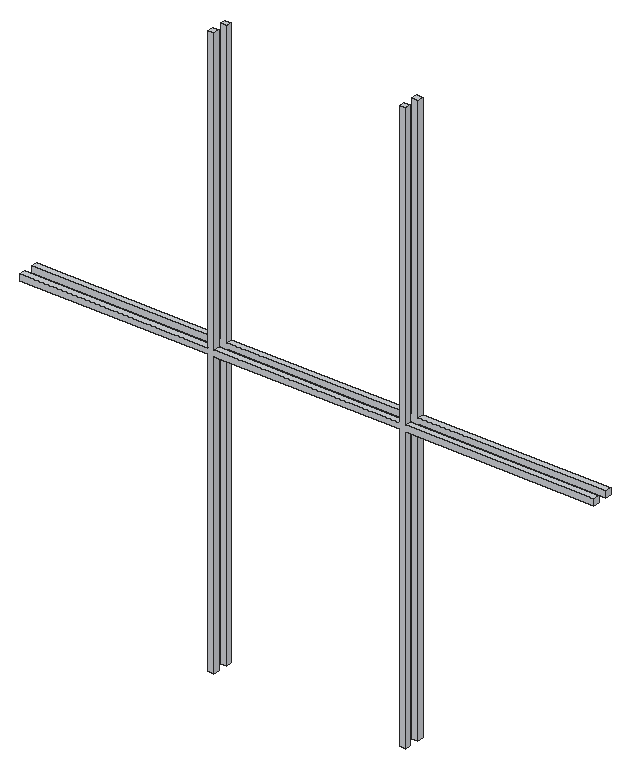
Revit family "M_Padrão do montante_3x2", category Modelos genéricos, Revit 2019
Family settings
  Pode hospedar o vergalhão = Não
  Cota do conector redondo = Utilizar diâmetro
  Tipo de parte = Normal
  Com base no plano de trabalho = Não
  Sempre na vertical = Sim
  Corte com vazios quando carregada = Não
  Compartilhado = Sim
  Ponto de cálculo do ambiente = Não
Parameters
  Largura [instance] = 1200 mm
  Espessura = 12.7 mm
  Altura [instance] = 1200 mm
  Material interior [instance] = none
  Material externo [instance] = none
  Distância = 19.05 mm
Reference planes
  plane 1 "Centro (Frente/Trás)": y = 0
  plane 2: z = 0
  plane 3 "Centro (Esquerda/Direita)": x = 0
  plane 4: z = 1200
  plane 5: x = -600
  plane 6: x = 600
  plane 7: z = 600
  plane 8 "a": y = 9.525
  plane 9 "b": y = -9.525
  plane 10: y = 22.225
  plane 11: y = -22.225
  plane 12: x = -206.35
  plane 13: x = -193.65
  plane 14: x = -200
  plane 15: x = 193.65
  plane 16: x = 206.35
  plane 17: x = 200
  plane 18: z = 606.35
  plane 19: z = 593.65
Forms (mm)
  Extrusion 1, solid, material <- "Material externo", detail levels fine
    sketch origin (0, 9.525, 0) x (-1, 0, 0) y (0, 0, 1)
      loop
        line (206.35, 0) -> (206.35, 593.65) -> (600, 593.65) -> (600, 606.35) -> (206.35, 606.35) -> (206.35, 1200) -> (193.65, 1200) -> (193.65, 606.35) -> (-193.65, 606.35) -> (-193.65, 1200) -> (-206.35, 1200) -> (-206.35, 606.35) -> (-600, 606.35) -> (-600, 593.65) -> (-206.35, 593.65) -> (-206.35, 0) -> (-193.65, 0) -> (-193.65, 593.65) -> (193.65, 593.65) -> (193.65, 0) -> (206.35, 0)
    from 0 to 12.7
  Extrusion 2, solid, material <- "Material interior", detail levels fine
    sketch origin (0, -9.525, 0) x (-1, 0, 0) y (0, 0, 1)
      loop
        line (206.35, 1200) -> (193.65, 1200) -> (193.65, 606.35) -> (-193.65, 606.35) -> (-193.65, 1200) -> (-206.35, 1200) -> (-206.35, 606.35) -> (-600, 606.35) -> (-600, 593.65) -> (-206.35, 593.65) -> (-206.35, 0) -> (-193.65, 0) -> (-193.65, 593.65) -> (193.65, 593.65) -> (193.65, 0) -> (206.35, 0) -> (206.35, 593.65) -> (600, 593.65) -> (600, 606.35) -> (206.35, 606.35) -> (206.35, 1200)
    from 0 to -12.7
Lines and regions (mm)
  model lines, detail levels medium
    curve 1: line (-200, 9.525, 1200) -> (-200, 9.525, 0)
    curve 2: line (200, 9.525, 1200) -> (200, 9.525, 0)
    curve 3: line (-600, 9.525, 600) -> (600, 9.525, 600)
    curve 4: line (-200, -9.525, 1200) -> (-200, -9.525, 0)
    curve 5: line (200, -9.525, 1200) -> (200, -9.525, 0)
    curve 6: line (-600, -9.525, 600) -> (600, -9.525, 600)
Dimensions and locks
  equal spacing: plane 6, plane 3 "Centro (Esquerda/Direita)", plane 5
  "Largura": plane 6 to plane 5
  "Altura": plane 4 to plane 2
  equal spacing: plane 4, plane 7, plane 2
  equal spacing: plane 8 "a", plane 1 "Centro (Frente/Trás)", plane 9 "b"
  "Distância": plane 8 "a" to plane 9 "b"
  locked: curve 1 to Extrusion 1 sketch curve at 6.35  (x2)
  locked: curve 2 to Extrusion 1 sketch curve at 6.35
  curve 2 to Extrusion 1 sketch curve = 6.35 mm
  locked: Extrusion 1 sketch curve to plane 7 at 6.35
  locked: plane 7 to Extrusion 1 sketch curve at 6.35
  "Espessura": plane 10 to plane 8 "a"
  "Espessura": plane 9 "b" to plane 11
  equal spacing: plane 12, plane 14, plane 13
  locked: plane 12 to plane 13 at 12.7
  equal spacing: plane 15, plane 17, plane 16
  locked: plane 15 to plane 16 at 12.7
  equal spacing: plane 18, plane 7, plane 19
  locked: plane 18 to plane 19 at 12.7
  equal spacing: plane 6, plane 17, plane 14, plane 5
  aligned and locked: plane 2 to level
  aligned and locked: Extrusion 1 sketch curve to Extrusion 1 sketch curve  (x3)
  aligned and locked: plane 4 to Extrusion 1 sketch curve  (x2)
  aligned and locked: Extrusion 1 sketch curve to plane 2  (x2)
  aligned and locked: plane 4 to curve 2
  aligned and locked: plane 4 to curve 1
  aligned and locked: plane 5 to curve 3
  aligned and locked: plane 2 to curve 1
  aligned and locked: plane 2 to curve 2
  aligned and locked: plane 6 to curve 3
  aligned and locked: plane 5 to Extrusion 1 sketch curve
  aligned and locked: Extrusion 1 sketch curve to plane 6
  aligned and locked: curve 3 to plane 7
  aligned and locked: Extrusion 1 to plane 8 "a"
  aligned and locked: Extrusion 1 to plane 10
  aligned and locked: curve 1 to plane 14
  aligned and locked: curve 2 to plane 17
  aligned and locked: plane 4 to Extrusion 2 sketch curve  (x2)
  aligned and locked: Extrusion 2 sketch curve to plane 12
  aligned and locked: plane 13 to Extrusion 2 sketch curve  (x2)
  aligned and locked: Extrusion 2 sketch curve to plane 15
  aligned and locked: plane 16 to Extrusion 2 sketch curve  (x2)
  aligned and locked: plane 18 to Extrusion 2 sketch curve  (x2)
  aligned and locked: Extrusion 2 sketch curve to plane 18
  aligned and locked: Extrusion 2 sketch curve to plane 5
  aligned and locked: Extrusion 2 sketch curve to plane 19  (x3)
  aligned and locked: plane 6 to Extrusion 2 sketch curve
  aligned and locked: plane 15 to Extrusion 2 sketch curve
  aligned and locked: Extrusion 2 sketch curve to level  (x2)
  aligned and locked: plane 12 to Extrusion 2 sketch curve
  aligned and locked: plane 9 "b" to Extrusion 2
  aligned and locked: Extrusion 2 to plane 11
  aligned and locked: level to curve 4
  aligned and locked: curve 4 to plane 14
  aligned and locked: plane 4 to curve 4
  aligned and locked: curve 5 to plane 17
  aligned and locked: level to curve 5
  aligned and locked: plane 4 to curve 5
  aligned and locked: curve 6 to plane 7
  aligned and locked: plane 6 to curve 6
  aligned and locked: plane 5 to curve 6
Automatic sketch dimensions
  Extrusion 1 sketch curve to Extrusion 1 sketch curve = 0 mm
  Extrusion 1 sketch curve to plane 7 = 6.35 mm  (x2)
  plane 7 to Extrusion 1 sketch curve = 6.35 mm  (x2)
